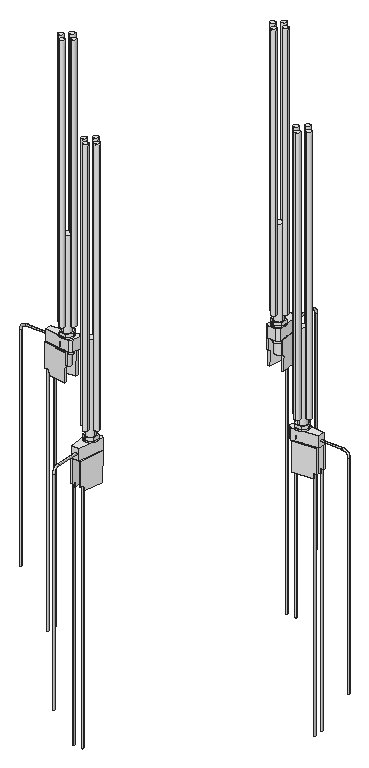
Revit family "652ab275b8b74809a3d79b4f631d35f4", category Structural Connections, host Face, Revit 2021
Family settings
  Host = Face
  Material for Model Behavior = Other
  Enable cutting in views = No
  Cut with Voids When Loaded = Yes
  Shared = No
Parameters (values of type "HCC M52-2290S")
  l = 4' - 9.08661"
  h [instance] = Column Diameter * sin(45.00°)  # 4' - 7.6777"
  f = 0' - 9.44882"
  b [instance] = Column Diameter * sin(45.00°)  # 4' - 7.6777"
  a = 0' - 2.75591"
  X = 0' - 1.37795"
  Type Comments = "Mountingpart"
  T = 0' - 2.75591"
  Phi = 0' - 2.75591"
  L [instance] = 4' - 11.05512"
  K = 0' - 11.02362"
  E = 0' - 2.3622"
  Default Elevation = 0' - 0"
  D = 1' - 2.40945"
  Column Shoe Type = Column Shoe and Anchor Bolt : HCC M52-2290S
  Column Shoe Material [instance] = Metal - Steel - S235
  Column Diameter [instance] = 6' - 6.74016"
  C = 0' - 9.13386"
Types (10): name | l | h | f | b | a | X | T | Phi | K | D | Column Shoe Type | Column Diameter | C
  HCC 39-1450H | 2' - 11.43307" | 2' - 3.83885" | 0' - 6.49606" | 2' - 3.83885" | 0' - 1.9685" | 0' - 1.45669" | 0' - 1.77165" | 0' - 2.16535" | 0' - 7.67717" | 0' - 9.64567" | Column Shoe and Anchor Bolt : HCC 39-1450H | 3' - 3.37008" | 0' - 6.1811"
  HCC 39-1450S | 2' - 11.43307" | 4' - 7.6777" | 0' - 6.49606" | 4' - 7.6777" | 0' - 1.9685" | 0' - 1.45669" | 0' - 1.77165" | 0' - 2.16535" | 0' - 7.67717" | 0' - 9.64567" | Column Shoe and Anchor Bolt : HCC 39-1450S | 6' - 6.74016" | 0' - 6.1811"
  HCC M36-1650H | 3' - 3.37008" | 4' - 7.6777" | 0' - 6.49606" | 4' - 7.6777" | 0' - 2.16535" | 0' - 1.45669" | 0' - 1.9685" | 0' - 2.16535" | 0' - 7.67717" | 0' - 9.64567" | Column Shoe and Anchor Bolt : HCC M36-1650H | 6' - 6.74016" | 0' - 6.1811"
  HCC M36-1650S | 3' - 3.37008" | 4' - 7.6777" | 0' - 6.49606" | 4' - 7.6777" | 0' - 2.16535" | 0' - 1.45669" | 0' - 1.9685" | 0' - 2.16535" | 0' - 7.67717" | 0' - 9.64567" | Column Shoe and Anchor Bolt : HCC M36-1650S | 6' - 6.74016" | 0' - 6.1811"
  HCC M39-1650H | 3' - 3.37008" | 4' - 7.6777" | 0' - 7.28346" | 4' - 7.6777" | 0' - 2.16535" | 0' - 1.45669" | 0' - 2.16535" | 0' - 2.16535" | 0' - 8.22835" | 0' - 10.51181" | Column Shoe and Anchor Bolt : HCC M39-1650H | 6' - 6.74016" | 0' - 6.77165"
  HCC M39-1650S | 3' - 3.37008" | 4' - 7.6777" | 0' - 7.28346" | 4' - 7.6777" | 0' - 2.16535" | 0' - 1.45669" | 0' - 2.16535" | 0' - 2.16535" | 0' - 8.22835" | 0' - 10.51181" | Column Shoe and Anchor Bolt : HCC M39-1650S | 6' - 6.74016" | 0' - 6.77165"
  HCC M45-2070H | 4' - 9.48031" | 4' - 7.6777" | 0' - 7.67717" | 4' - 7.6777" | 0' - 2.55906" | 0' - 1.45669" | 0' - 2.3622" | 0' - 2.55906" | 0' - 9.68504" | 1' - 0.48031" | Column Shoe and Anchor Bolt : HCC M45-2070H | 6' - 6.74016" | 0' - 8.14961"
  HCC M45-2070S | 4' - 9.48031" | 4' - 7.6777" | 0' - 7.67717" | 4' - 7.6777" | 0' - 2.55906" | 0' - 1.45669" | 0' - 2.3622" | 0' - 2.55906" | 0' - 9.68504" | 1' - 0.48031" | Column Shoe and Anchor Bolt : HCC M45-2070S | 6' - 6.74016" | 0' - 8.14961"
  HCC M52-2290H | 4' - 9.08661" | 4' - 7.6777" | 0' - 9.44882" | 4' - 7.6777" | 0' - 2.75591" | 0' - 1.37795" | 0' - 2.75591" | 0' - 2.75591" | 0' - 11.02362" | 1' - 2.40945" | Column Shoe and Anchor Bolt : HCC M52-2290H | 6' - 6.74016" | 0' - 9.13386"
  HCC M52-2290S | 4' - 9.08661" | 4' - 7.6777" | 0' - 9.44882" | 4' - 7.6777" | 0' - 2.75591" | 0' - 1.37795" | 0' - 2.75591" | 0' - 2.75591" | 0' - 11.02362" | 1' - 2.40945" | Column Shoe and Anchor Bolt : HCC M52-2290S | 6' - 6.74016" | 0' - 9.13386"
Reference planes (in)
  plane 1 "Center (Front/Back)": y = 0
  plane 2: z = 0
  plane 3 "Center (Left/Right)": x = 0
  plane 4: y = 27.83885
  plane 5: y = -27.83885
  plane 6: x = -27.83885
  plane 7: x = 27.83885
Dimensions and locks (in)
  equal spacing: plane 4, plane 1 "Center (Front/Back)", plane 5
  "h": plane 4 to plane 5
  equal spacing: plane 6, plane 3 "Center (Left/Right)", plane 7
  "b": plane 6 to plane 7
  aligned and locked: plane 2 to host face
  aligned and locked: level to host face
  aligned and locked: nested 7 to plane 3 "Center (Left/Right)"
  aligned and locked: nested 7 to plane 5
  aligned and locked: nested 3 to plane 1 "Center (Front/Back)"
  aligned and locked: plane 6 to nested 3
  aligned and locked: plane 3 "Center (Left/Right)" to nested 1
  aligned and locked: nested 1 to plane 4
  aligned and locked: plane 1 "Center (Front/Back)" to nested 5
  aligned and locked: plane 7 to nested 5
Automatic sketch dimensions
  host sketch curve to host sketch curve = 8' - 0"  (x2)
Nested families (in)
  nested 1: "Column Shoe and Anchor Bolt" at (0, 42.05145, 0) x (1, 0, 0) z (0, 0, -1), type <- "Column Shoe Type", Column Shoe Material <- "Column Shoe Material", L <- "L", type "HCC M52-2290S"
    with L 4' - 11.05512", Column Shoe Material Metal - Steel - S235, Phi 0' - 2.75591", Semi Phi 0' - 1.37795", y2 0' - 6.45861", y1 0' - 0.69597", x3 0' - 1.82257", x2 0' - 3.34066", x1 0' - 1.94872", f 0' - 9.44882", a 0' - 2.75591", X 0' - 1.37795", l 4' - 9.08661", k1 0' - 10.7388", d 1' - 2.2126", T 0' - 2.75591", Real K 0' - 10.93565", e1 0' - 2.3663", K 0' - 11.02362", E 0' - 2.3622", D 1' - 2.40945", C 0' - 9.13386", B2 0' - 5.90551", B 0' - 7.08661"
  nested 2: "HAB M" at (0, 30.20515, -2.75591) x (1, 0, 0) z (0, 0, -1), type "HAB MS52"
    with l2 5' - 5.74803", l 6' - 3.19685", f1 0' - 3.93701", f 0' - 9.44882", r3 0' - 1.02362", r1 0' - 0.62992", d3 0' - 2.04724", d1 0' - 1.25984", a 0' - 2.75591", Washers Radius 0' - 1.65354", T 0' - 2.75591", Splice Length 1' - 8.47244", O2 0' - 2.86402", O1 0' - 0.82677", Phi 0' - 2.75591", Offset1 0' - 1.65354", Nut Width 0' - 2.86402", Cap no, Cap Radius 0' - 1.13386", 4 Fold with Cap no
  nested 3: "Column Shoe and Anchor Bolt" at (-42.05145, 0, 0) x (0, 1, 0) z (0, 0, -1), type <- "Column Shoe Type", Column Shoe Material <- "Column Shoe Material", L <- "L", type "HCC M52-2290S"
    with L 4' - 11.05512", Column Shoe Material Metal - Steel - S235, Phi 0' - 2.75591", Semi Phi 0' - 1.37795", y2 0' - 6.45861", y1 0' - 0.69597", x3 0' - 1.82257", x2 0' - 3.34066", x1 0' - 1.94872", f 0' - 9.44882", a 0' - 2.75591", X 0' - 1.37795", l 4' - 9.08661", k1 0' - 10.7388", d 1' - 2.2126", T 0' - 2.75591", Real K 0' - 10.93565", e1 0' - 2.3663", K 0' - 11.02362", E 0' - 2.3622", D 1' - 2.40945", C 0' - 9.13386", B2 0' - 5.90551", B 0' - 7.08661"
  nested 4: "HAB M" at (-30.20515, 0, -2.75591) x (0, 1, 0) z (0, 0, -1), type "HAB MS52"
    with l2 5' - 5.74803", l 6' - 3.19685", f1 0' - 3.93701", f 0' - 9.44882", r3 0' - 1.02362", r1 0' - 0.62992", d3 0' - 2.04724", d1 0' - 1.25984", a 0' - 2.75591", Washers Radius 0' - 1.65354", T 0' - 2.75591", Splice Length 1' - 8.47244", O2 0' - 2.86402", O1 0' - 0.82677", Phi 0' - 2.75591", Offset1 0' - 1.65354", Nut Width 0' - 2.86402", Cap no, Cap Radius 0' - 1.13386", 4 Fold with Cap no
  nested 5: "Column Shoe and Anchor Bolt" at (42.05145, 0, 0) x (0, -1, 0) z (0, 0, -1), type <- "Column Shoe Type", Column Shoe Material <- "Column Shoe Material", L <- "L", type "HCC M52-2290S"
    with L 4' - 11.05512", Column Shoe Material Metal - Steel - S235, Phi 0' - 2.75591", Semi Phi 0' - 1.37795", y2 0' - 6.45861", y1 0' - 0.69597", x3 0' - 1.82257", x2 0' - 3.34066", x1 0' - 1.94872", f 0' - 9.44882", a 0' - 2.75591", X 0' - 1.37795", l 4' - 9.08661", k1 0' - 10.7388", d 1' - 2.2126", T 0' - 2.75591", Real K 0' - 10.93565", e1 0' - 2.3663", K 0' - 11.02362", E 0' - 2.3622", D 1' - 2.40945", C 0' - 9.13386", B2 0' - 5.90551", B 0' - 7.08661"
  nested 6: "HAB M" at (30.20515, 0, -2.75591) x (0, -1, 0) z (0, 0, -1), type "HAB MS52"
    with l2 5' - 5.74803", l 6' - 3.19685", f1 0' - 3.93701", f 0' - 9.44882", r3 0' - 1.02362", r1 0' - 0.62992", d3 0' - 2.04724", d1 0' - 1.25984", a 0' - 2.75591", Washers Radius 0' - 1.65354", T 0' - 2.75591", Splice Length 1' - 8.47244", O2 0' - 2.86402", O1 0' - 0.82677", Phi 0' - 2.75591", Offset1 0' - 1.65354", Nut Width 0' - 2.86402", Cap no, Cap Radius 0' - 1.13386", 4 Fold with Cap no
  nested 7: "Column Shoe and Anchor Bolt" at (0, -42.05145, 0) x (-1, 0, 0) z (0, 0, -1), type <- "Column Shoe Type", Column Shoe Material <- "Column Shoe Material", L <- "L", type "HCC M52-2290S"
    with L 4' - 11.05512", Column Shoe Material Metal - Steel - S235, Phi 0' - 2.75591", Semi Phi 0' - 1.37795", y2 0' - 6.45861", y1 0' - 0.69597", x3 0' - 1.82257", x2 0' - 3.34066", x1 0' - 1.94872", f 0' - 9.44882", a 0' - 2.75591", X 0' - 1.37795", l 4' - 9.08661", k1 0' - 10.7388", d 1' - 2.2126", T 0' - 2.75591", Real K 0' - 10.93565", e1 0' - 2.3663", K 0' - 11.02362", E 0' - 2.3622", D 1' - 2.40945", C 0' - 9.13386", B2 0' - 5.90551", B 0' - 7.08661"
  nested 8: "HAB M" at (0, -30.20515, -2.75591) x (-1, 0, 0) z (0, 0, -1), type "HAB MS52"
    with l2 5' - 5.74803", l 6' - 3.19685", f1 0' - 3.93701", f 0' - 9.44882", r3 0' - 1.02362", r1 0' - 0.62992", d3 0' - 2.04724", d1 0' - 1.25984", a 0' - 2.75591", Washers Radius 0' - 1.65354", T 0' - 2.75591", Splice Length 1' - 8.47244", O2 0' - 2.86402", O1 0' - 0.82677", Phi 0' - 2.75591", Offset1 0' - 1.65354", Nut Width 0' - 2.86402", Cap no, Cap Radius 0' - 1.13386", 4 Fold with Cap no
Definition of nested family "Column Shoe and Anchor Bolt"
  Parameters
    Type Comments = "Mountingpart"
    Phi = 0' - 1.06299"
    Semi Phi = 0.5 * Phi  # 0' - 0.5315"
    y2 = C * sin(45.00°)  # 0' - 2.44982"
    y1 = (E - X) * sin(45.00°)  # 0' - 0.55678"
    x3 = E * (2 * sin(45.00°) - C / d)  # 0' - 1.46153"
    x2 = 2 * E * sin(45.00°)  # 0' - 2.78388"
    x1 = 2 * X * sin(45.00°)  # 0' - 1.67033"
    t1 = 0' - 0.3937"
    f = 0' - 4.13386"
    a = 0' - 1.9685"
    X = 0' - 1.1811"
    l = 0' - 11.81102"
    k1 = d * sin(45.00°) + 0.5 * X  # 0' - 4.23744"
    d = D - R1  # 0' - 5.15748"
    T = 0' - 0.59055"
    O3 = 0' - 0.59055"
    O4 = 0' - 0.7874"
    O2 = 0' - 0.19685"
    O1 = 0' - 0.3937"
    L [instance] = 4' - 11.05512"
    Real K = R1 + k1  # 0' - 4.43429"
    e1 = (2 * E - X) * sin(45.00°)  # 0' - 1.94872"
    K = 0' - 4.40945"
    E = 0' - 1.9685"
    Default Elevation = 0' - 0"
    Semi dbr = 7 * R2  # 0' - 1.37795"
    D = 0' - 5.35433"
    Column Shoe Material [instance] = none
    C = 0' - 3.46457"
    R2 = 0' - 0.19685"
    R1 = 0' - 0.19685"
    Bolt Type = HAB : HAB H16
    B2 = B - 0' 1.1811"  # 0' - 2.16535"
    B = 0' - 3.34646"
  Reference planes (in)
    plane 1 "Center (Front/Back)": y = 0
    plane 2: z = 0
    plane 3 "Center (Left/Right)": x = 0
    plane 4: z = 0.59055
    plane 5: z = 0.29528
    plane 6: z = 11.81102
    plane 7: z = 3.93701
    plane 8: z = 2.75591
    plane 9: y = 5.15748
    plane 10: x = -1.39194
    plane 11: x = 1.39194
    plane 12: y = 4.6007
    plane 13: y = 2.15088
    plane 14: x = -0.83517
    plane 15: x = 0.83517
    plane 16: x = -0.73077
    plane 17: x = 0.73077
    plane 18: y = 3.20876
    plane 19: y = 2.93829
    plane 20: z = 62.99213
  Forms (in)
    Extrusion 1, solid
      sketch origin (0, 0, 0) x (1, 0, 0) y (0, 1, 0)
        loop
          line (-48, 48) -> (-48, -48) -> (48, -48) -> (48, 48) -> (-48, 48)
      from 0 to -12
    Sweep 2, solid, material <- "Column Shoe Material"
      path in 3D
        loop
          line (0, 0, 11.81102) -> (0, 0, 1.67323)
          arc (0, 0, 1.67323) -> (0, 0.40359, 0.69887) -> (0, 1.37795, 0.29528) r 1.37795
          line (0, 1.37795, 0.29528) -> (0, 2.81506, 0.29528)
      profile origin (0, 0.40359, 0.69887) x (0, 0.707107, 0.707107) y (1, 0, 0)
        loop
          circle (0, 0) r 0.19685
    Extrusion 3, void
      sketch origin (-0.03635, 4.65317, 0) x (1, 0, 0) y (0, 1, 0)
        loop
          circle (0.03635, -1.44441) r 0.5315
      from 0 to 3.93701
    Blend 4, solid, material <- "Column Shoe Material"
      base sketch origin (-0.18342, 0.17505, 0) x (-1, 0, 0) y (0, -1, 0)
        loop
          line (-1.47277, -4.04555) -> (-0.96547, -2.16589) -> (-1.34557, -2.0633) -> (-1.85287, -3.94297) -> (-1.47277, -4.04555)
      top sketch origin (-0.18342, 0.17505, 0) x (-1, 0, 0) y (0, -1, 0)
        loop
          line (-1.42148, -3.8555) -> (-0.96547, -2.16589) -> (-1.34557, -2.0633) -> (-1.80158, -3.75292) -> (-1.42148, -3.8555)
      from 0.59055 to 3.93701
    Extrusion 5, solid, material <- "Column Shoe Material"
      sketch origin (1.96539, -0.28862, 0) x (1, 0, 0) y (0, 1, 0)
        loop
          circle (-3.11256, 3.22691) r 0.19685
        loop
          circle (-0.81822, 3.22691) r 0.19685
      from 2.75591 to 62.99213
    Extrusion 6, void
      sketch origin (0, -1.92772, 0) x (0, -1, 0) y (0, 0, 1)
        loop
          line (-4.07861, 3.93701) -> (-4.86601, 3.93701) -> (-4.86601, 2.75591) -> (-4.07861, 2.75591) -> (-4.07861, 3.93701)
      from -1.39194 to 1.39194
    Extrusion 7, solid, material <- "Column Shoe Material"
      sketch origin (0, 0, 0) x (1, 0, 0) y (0, 1, 0)
        loop
          line (0.83517, 5.15748) -> (-0.83517, 5.15748) -> (-1.39194, 4.6007) -> (-0.73077, 2.15088) -> (0.73077, 2.15088) -> (1.39194, 4.6007) -> (0.83517, 5.15748)
        loop
          circle (0, 3.20876) r 0.5315
      from 0 to 0.59055
    Blend 8, solid, material <- "Column Shoe Material"
      base sketch origin (0.18342, 0.17505, 0) x (1, 0, 0) y (0, 1, 0)
        loop
          line (-1.47277, 4.04555) -> (-1.85287, 3.94297) -> (-1.34557, 2.0633) -> (-0.96547, 2.16589) -> (-1.47277, 4.04555)
      top sketch origin (0.18342, 0.17505, 0) x (1, 0, 0) y (0, 1, 0)
        loop
          line (-1.42148, 3.8555) -> (-1.80158, 3.75292) -> (-1.34557, 2.0633) -> (-0.96547, 2.16589) -> (-1.42148, 3.8555)
      from 0.59055 to 3.93701
  Cuts and joins
    Extrusion 3, Extrusion 6 cuts Sweep 2
    joined: Sweep 2, Extrusion 7
    Extrusion 6 cuts Blend 4
    Extrusion 6 cuts Blend 8
  Lines and regions (in)
    reference lines
      curve 1: line (0, 3.24836, 0.29528) -> (0, 1.37795, 0.29528)
      curve 2: line (0, 0, 1.67323) -> (0, 0, 11.81102)
      curve 3: arc (0, 0, 1.67323) -> (0, 0.40359, 0.69887) -> (0, 1.37795, 0.29528) r 1.37795
      curve 7: line (0.73077, 2.15088, 0) -> (1.39194, 4.6007, 0)
      curve 8: line (-0.73077, 2.15088, 0) -> (-1.39194, 4.6007, 0)
    sketch lines
      curve 4: arc (0, 0, 1.67323) -> (0, 0.40359, 0.69887) -> (0, 1.37795, 0.29528) r 1.37795
      curve 5: line (0, 2.81506, 0.29528) -> (0, 1.37795, 0.29528)
      curve 6: line (0, 0, 1.67323) -> (0, 0, 11.81102)
  Dimensions and locks (in)
    "T": plane 4 to level
    "l": plane 6 to plane 2
    equal spacing: plane 4, plane 5, plane 2
    "B": plane 7 to plane 4
    "B2": plane 4 to plane 8
    equal spacing: plane 16, plane 3 "Center (Left/Right)", plane 17
    equal spacing: plane 14, plane 3 "Center (Left/Right)", plane 15
    equal spacing: plane 10, plane 3 "Center (Left/Right)", plane 11
    "x2": plane 10 to plane 11
    "x1": plane 14 to plane 15
    "x3": plane 16 to plane 17
    "y1": plane 9 to plane 12
    "y2": plane 12 to plane 13
    "d": plane 9 to plane 1 "Center (Front/Back)"
    "e1": plane 9 to plane 18
    "t1": Blend 4 sketch curve to Blend 4 sketch curve  (x2)
    "O2": Extrusion 7 to Blend 4 sketch curve
    "O1": Blend 4 sketch curve to curve 7
    "O2": curve 7 to Blend 4 sketch curve
    "O4": plane 13 to plane 19
    equal spacing: cut or joined group of Blend 4, Extrusion 6, Extrusion 5 sketch curve, Extrusion 7
    "O3": Blend 4 sketch curve to curve 7
    "t1": Blend 8 sketch curve to Blend 8 sketch curve  (x2)
    "O1": curve 8 to Blend 8 sketch curve
    "O2": Blend 8 sketch curve to curve 8  (x2)
    "O3": curve 8 to Blend 8 sketch curve
    equal spacing: Blend 8, Extrusion 5 sketch curve, Blend 8
    "L": plane 20 to plane 7
    "Semi dbr": radius of curve 3
    "R1": radius of Sweep 2 sketch curve
    "R2": radius of Extrusion 5 sketch curve  (x2)
    "Semi Phi": radius of Extrusion 7 sketch curve
    locked: Extrusion 7 to Blend 4 sketch curve (angle 90.00°)
    aligned and locked: plane 2 to Extrusion 1
    aligned and locked: level to Extrusion 1
    aligned and locked: curve 1 to plane 5
    aligned and locked: plane 1 "Center (Front/Back)" to curve 2
    aligned and locked: plane 6 to curve 2
    aligned and locked: Extrusion 3 to Extrusion 1
    aligned and locked: Blend 4 to plane 4
    aligned and locked: plane 8 to Extrusion 5
    aligned and locked: Extrusion 6 sketch curve to Blend 4
    aligned and locked: Extrusion 3 sketch curve to Extrusion 7
    aligned and locked: plane 4 to Extrusion 7
    aligned and locked: Extrusion 7 sketch curve to plane 9
    aligned and locked: plane 3 "Center (Left/Right)" to Extrusion 7 sketch curve
    aligned and locked: plane 12 to Extrusion 7 sketch curve  (x2)
    aligned and locked: plane 18 to Extrusion 7 sketch curve
    aligned and locked: plane 15 to Extrusion 7 sketch curve
    aligned and locked: plane 9 to Extrusion 7 sketch curve
    aligned and locked: plane 13 to Extrusion 7 sketch curve
    aligned and locked: plane 17 to Extrusion 7 sketch curve
    aligned and locked: plane 14 to Extrusion 7 sketch curve
    aligned and locked: plane 10 to Extrusion 7 sketch curve
    aligned and locked: plane 16 to Extrusion 7 sketch curve
    aligned and locked: plane 12 to curve 7
    aligned and locked: plane 11 to curve 7
    aligned and locked: plane 17 to curve 7
    aligned and locked: plane 13 to curve 7
    aligned and locked: plane 12 to curve 8
    aligned and locked: plane 10 to curve 8
    aligned and locked: plane 16 to curve 8
    aligned and locked: plane 13 to curve 8
    aligned and locked: Blend 4 sketch curve to curve 7
    aligned and locked: var sketch to Blend 4 sketch curve
    aligned and locked: plane 19 to Extrusion 5 sketch curve  (x2)
    aligned and locked: var sketch to Blend 8 sketch curve
    aligned and locked: Extrusion 7 to Blend 8 sketch curve
    aligned and locked: Extrusion 6 to plane 19
    aligned and locked: Extrusion 6 to Extrusion 7
    aligned and locked: plane 7 to Extrusion 3
    aligned and locked: plane 7 to Blend 4
    aligned and locked: plane 7 to Blend 8
    aligned and locked: Blend 8 to plane 4
    aligned and locked: plane 20 to Extrusion 5
    aligned and locked: Extrusion 6 to plane 11
    aligned and locked: Extrusion 6 to plane 10
    aligned and locked: plane 3 "Center (Left/Right)" to nested 1
    aligned and locked: nested 1 to plane 18
  Automatic sketch dimensions
    Extrusion 1 sketch curve to Extrusion 1 sketch curve = 8' - 0"  (x2)
    plane 18 to curve 1 = 0' - 0.03959"
    Sweep 2 sketch curve to profile plane = 0' - 0"  (x2)
    plane 8 to Extrusion 6 sketch curve = 0' - 0"
    Extrusion 6 sketch curve to plane 13 = 0' - 0.7874"
    Extrusion 6 sketch curve to plane 1 "Center (Front/Back)" = 0' - 2.15088"
    Extrusion 7 sketch curve to plane 11 = 0' - 0"
  Nested families (in)
    nested 1: "HAB" at (0, 3.20876, 0.59055), type <- "Bolt Type", type "HAB H16"
      with Anchor Bolt Material none, l2 0' - 6.88976", l 0' - 11.02362", f1 0' - 1.5748", f 0' - 4.13386", r3 0' - 0.31496", r1 0' - 0.31496", d3 0' - 0.62992", d1 0' - 0.62992", Washers Radius 0' - 0.6378", T 0' - 0.59055", Phi 0' - 1.06299", Nut Width 0' - 1.10469", Cap Radius 0' - 0.56693"
  Definition of nested family "HAB"
    Parameters
      l2 = 0' - 9.25197"
      l = 1' - 1.77953"
      f1 = f - a - T  # 0' - 1.77165"
      f = 0' - 4.52756"
      r3 = 0.5 * d3  # 0' - 0.3937"
      r1 = 0.5 * d1  # 0' - 0.3937"
      d3 = 0' - 0.7874"
      d1 = 0' - 0.7874"
      a = 0' - 1.9685"
      Washers Thickness = 0' - 0.19685"
      Washers Radius = 0.5 * Phi * 1.2  # 0' - 0.70866"
      Type Comments = "Mountingpart"
      T = 0' - 0.7874"
      Phi = 0' - 1.1811"
      Nut Width = 2 * Washers Radius * cos(30.00°)  # 0' - 1.22744"
      Nut Thickness = 0' - 0.7874"
      Cap = yes
      Anchor Bolt Material [instance] = none
      Default Elevation = 0' - 0"
      Cap Thickness = Nut Thickness  # 0' - 0.7874"
      Cap Radius = d1 * 0.9  # 0' - 0.70866"
    Reference planes (in)
      plane 1 "Center (Front/Back)": y = 0
      plane 2: z = 0
      plane 3 "Center (Left/Right)": x = 0
      plane 4: z = 0.19685
      plane 5: z = -0.7874
      plane 6: z = -0.98425
      plane 7: z = 0.98425
      plane 8: z = -1.77165
      plane 9: y = 0.35433
      plane 10: y = -0.35433
      plane 11: y = 0.70866
      plane 12: y = -0.70866
      plane 13: z = 1.77165
      plane 14: z = -12.00787
      plane 15: z = -11.22047
      plane 16: z = -2.75591
      plane 17: z = -11.61417
      plane 18: x = -0.61372
      plane 19: x = 0.61372
    Forms (in)
      Extrusion 1, solid
        sketch origin (0, 0, 0) x (1, 0, 0) y (0, 1, 0)
          loop
            line (-48, 48) -> (-48, -48) -> (48, -48) -> (48, 48) -> (-48, 48)
        from 0 to -6.78513
      Extrusion 2, solid, material <- "Anchor Bolt Material"
        sketch origin (0, 0, 0) x (1, 0, 0) y (0, 1, 0)
          loop
            circle (0, 0) r 0.3937
        from -2.75591 to 1.77165
      Extrusion 3, solid, material <- "Anchor Bolt Material"
        sketch origin (0, 0, 0) x (1, 0, 0) y (0, 1, 0)
          loop
            circle (0, 0) r 0.70866
        from 0 to 0.19685
      Extrusion 4, solid, material <- "Anchor Bolt Material"
        sketch origin (0, 0, -14.37008) x (1, 0, 0) y (0, 1, 0)
          loop
            circle (0, 0) r 0.70866
        from 13.38583 to 13.58268
      Extrusion 5, solid, material <- "Anchor Bolt Material"
        sketch origin (0, 0, 0) x (1, 0, 0) y (0, 1, 0)
          loop
            line (0, 0.70866) -> (-0.61372, 0.35433) -> (-0.61372, -0.35433) -> (0, -0.70866) -> (0.61372, -0.35433) -> (0.61372, 0.35433) -> (0, 0.70866)
        from 0.19685 to 0.98425
      Extrusion 6, solid, material <- "Anchor Bolt Material"
        sketch origin (0, 0, -15.74803) x (1, 0, 0) y (0, 1, 0)
          loop
            line (-0.61372, 0.35433) -> (-0.61372, -0.35433) -> (0, -0.70866) -> (0.61372, -0.35433) -> (0.61372, 0.35433) -> (0, 0.70866) -> (-0.61372, 0.35433)
        from 13.97638 to 14.76378
      Extrusion 7, solid, material <- "Anchor Bolt Material"
        sketch origin (0, 0, -2.96548) x (1, 0, 0) y (0, 1, 0)
          loop
            circle (0, 0) r 0.3937
        from -9.04239 to 0.20957
      Blend 8, solid, material <- "Anchor Bolt Material", visible <- "Cap"
        base sketch origin (-1.67336, -180, -11.22047) x (-1, 0, 0) y (0, -1, 0)
          loop
            circle (-1.67336, -180) r 0.3937
        top sketch origin (-1.67336, -180, -11.22047) x (-1, 0, 0) y (0, -1, 0)
          loop
            circle (-1.67336, -180) r 0.70866
        from 0 to -0.3937
      Extrusion 9, solid, material <- "Anchor Bolt Material", visible <- "Cap"
        sketch origin (-1.41732, -180, -12.00787) x (-1, 0, 0) y (0, -1, 0)
          loop
            circle (-1.41732, -180) r 0.70866
        from 0 to 0.3937
    Cuts and joins
      joined: Extrusion 2, Extrusion 3, Extrusion 4, Extrusion 5, Extrusion 6, Extrusion 7
      joined: Blend 8, Extrusion 9
    Dimensions and locks (in)
      "T": plane 2 to plane 5
      "Washers Thickness": plane 5 to plane 6
      "Washers Thickness": plane 4 to level
      "Nut Thickness": plane 7 to plane 4
      "Nut Thickness": plane 6 to plane 8
      "Washers Radius": plane 1 "Center (Front/Back)" to plane 11
      "Washers Radius": plane 12 to plane 1 "Center (Front/Back)"
      equal spacing: plane 9, plane 1 "Center (Front/Back)", plane 10
      "Washers Radius": plane 9 to plane 10
      "l": plane 13 to plane 14
      "Cap Thickness": plane 15 to plane 14
      "l2": plane 16 to plane 14
      "f1": plane 13 to plane 2
      equal spacing: plane 15, plane 17, plane 14
      equal spacing: plane 18, plane 3 "Center (Left/Right)", plane 19
      "Nut Width": plane 18 to plane 19
      "r3": radius of Extrusion 2 sketch curve
      "Washers Radius": radius of Extrusion 3 sketch curve
      "Washers Radius": radius of Extrusion 4 sketch curve
      "r1": radius of Extrusion 7 sketch curve
      "r1": radius of Blend 8 sketch curve
      "Cap Radius": radius of Blend 8 sketch curve
      "Cap Radius": radius of Extrusion 9 sketch curve
      aligned and locked: plane 2 to Extrusion 1
      aligned and locked: level to Extrusion 1
      aligned and locked: plane 1 "Center (Front/Back)" to Extrusion 2 sketch curve
      aligned and locked: plane 3 "Center (Left/Right)" to Extrusion 2 sketch curve
      aligned and locked: plane 1 "Center (Front/Back)" to Extrusion 3 sketch curve
      aligned and locked: plane 3 "Center (Left/Right)" to Extrusion 3 sketch curve
      aligned and locked: plane 4 to Extrusion 3
      aligned and locked: Extrusion 3 to level
      aligned and locked: plane 5 to Extrusion 4
      aligned and locked: Extrusion 4 to plane 6
      aligned and locked: plane 1 "Center (Front/Back)" to Extrusion 4 sketch curve
      aligned and locked: plane 3 "Center (Left/Right)" to Extrusion 4 sketch curve
      aligned and locked: plane 7 to Extrusion 5
      aligned and locked: Extrusion 5 to plane 4
      aligned and locked: plane 11 to Extrusion 5 sketch curve
      aligned and locked: plane 3 "Center (Left/Right)" to Extrusion 5 sketch curve  (x2)
      aligned and locked: plane 12 to Extrusion 5 sketch curve
      aligned and locked: plane 10 to Extrusion 5 sketch curve  (x2)
      aligned and locked: plane 6 to Extrusion 6
      aligned and locked: Extrusion 6 to plane 8
      aligned and locked: plane 13 to Extrusion 2
      aligned: Extrusion 2 to plane 14
      aligned and locked: plane 10 to Extrusion 6 sketch curve  (x2)
      aligned and locked: Extrusion 2 to plane 16
      aligned: Extrusion 7 to plane 15
      aligned and locked: plane 1 "Center (Front/Back)" to Blend 8 sketch curve  (x2)
      aligned and locked: plane 3 "Center (Left/Right)" to Blend 8 sketch curve  (x2)
      aligned and locked: Blend 8 to plane 17
      aligned and locked: plane 15 to Blend 8
      aligned and locked: plane 1 "Center (Front/Back)" to Extrusion 9 sketch curve
      aligned and locked: plane 3 "Center (Left/Right)" to Extrusion 9 sketch curve
      aligned and locked: plane 17 to Extrusion 9
      aligned and locked: plane 18 to Extrusion 5 sketch curve
      aligned and locked: Extrusion 5 sketch curve to plane 19
      aligned and locked: plane 9 to Extrusion 5 sketch curve  (x2)
      aligned and locked: plane 19 to Extrusion 6 sketch curve
      aligned and locked: plane 18 to Extrusion 6 sketch curve
      aligned and locked: plane 9 to Extrusion 6 sketch curve  (x2)
      aligned and locked: plane 11 to Extrusion 6 sketch curve
      aligned and locked: plane 3 "Center (Left/Right)" to Extrusion 6 sketch curve  (x2)
      aligned and locked: plane 12 to Extrusion 6 sketch curve
      aligned and locked: Extrusion 7 to plane 14
      aligned and locked: plane 16 to Extrusion 7
    Automatic sketch dimensions
      Extrusion 1 sketch curve to Extrusion 1 sketch curve = 8' - 0"  (x2)
      plane 1 "Center (Front/Back)" to Extrusion 7 sketch curve = 0' - 0"
      Extrusion 7 sketch curve to plane 3 "Center (Left/Right)" = 0' - 0"
Definition of nested family "HAB M"
  Parameters
    l2 = 1' - 10.6378"
    l = 2' - 5.72441"
    f1 = f - a - T  # 0' - 2.75591"
    f = 0' - 6.49606"
    r3 = 0.5 * d3  # 0' - 0.70866"
    r1 = 0.5 * d1  # 0' - 0.3937"
    d3 = 0' - 1.41732"
    d1 = 0' - 0.7874"
    a = 0' - 1.9685"
    Washers Thickness = 0' - 0.19685"
    Washers Radius = 0.5 * Phi * 1.2  # 0' - 1.06299"
    Type Comments = "Mountingpart"
    T = 0' - 1.77165"
    Splice Length = 10 * d3  # 1' - 2.17323"
    O2 = 2 * Offset1 * (sin(60.00°))  # 0' - 1.90935"
    O1 = 0.5 * Offset1  # 0' - 0.55118"
    Phi = 0' - 1.77165"
    Offset1 = r1 + r3  # 0' - 1.10236"
    Nut Width = 2 * Washers Radius * cos(30.00°)  # 0' - 1.84116"
    Nut Thickness = 0' - 0.7874"
    Cap = yes
    Anchor Bolt Material [instance] = none
    Default Elevation = 0' - 0"
    Cap Thickness = Nut Thickness  # 0' - 0.7874"
    Cap Radius = 0.9 * d1  # 0' - 0.70866"
    4 Fold with Cap = and(Cap, [4 Fold])  # yes
    4 Fold = yes
    3 Fold With Cap = and(Cap, [3 Fold])  # no
    3 Fold = no
  Reference planes (in)
    plane 1 "Center (Front/Back)": y = 0
    plane 2: z = 0
    plane 3 "Center (Left/Right)": x = 0
    plane 4: z = 0.19685
    plane 5: z = -1.77165
    plane 6: z = -1.9685
    plane 7: z = 0.98425
    plane 8: z = -2.75591
    plane 9: y = 0.5315
    plane 10: y = -0.5315
    plane 11: y = 1.06299
    plane 12: y = -1.06299
    plane 13: z = 2.75591
    plane 14: z = -26.9685
    plane 15: z = -26.1811
    plane 16: z = -4.33071
    plane 17: z = -26.5748
    plane 18: x = -0.92058
    plane 19: x = 0.92058
    plane 20: z = -18.50394
    plane 21: y = -0.55118
    plane 22: x = -0.95467
    plane 23: x = 0.95467
  Forms (in)
    Extrusion 1, solid
      sketch origin (0, 0, 0) x (1, 0, 0) y (0, 1, 0)
        loop
          line (-48, 48) -> (-48, -48) -> (48, -48) -> (48, 48) -> (-48, 48)
      from 0 to -6.78513
    Extrusion 2, solid, material <- "Anchor Bolt Material"
      sketch origin (0, 0, 0) x (1, 0, 0) y (0, 1, 0)
        loop
          circle (0, 0) r 0.70866
      from -18.50394 to 2.75591
    Extrusion 3, solid, material <- "Anchor Bolt Material"
      sketch origin (0, 0, 0) x (1, 0, 0) y (0, 1, 0)
        loop
          circle (0, 0) r 1.06299
      from 0 to 0.19685
    Extrusion 4, solid, material <- "Anchor Bolt Material"
      sketch origin (0, 0, -14.37008) x (1, 0, 0) y (0, 1, 0)
        loop
          circle (0, 0) r 1.06299
      from 12.40157 to 12.59843
    Extrusion 5, solid, material <- "Anchor Bolt Material"
      sketch origin (0, 0, 0) x (1, 0, 0) y (0, 1, 0)
        loop
          line (0, 1.06299) -> (-0.92058, 0.5315) -> (-0.92058, -0.5315) -> (0, -1.06299) -> (0.92058, -0.5315) -> (0.92058, 0.5315) -> (0, 1.06299)
      from 0.19685 to 0.98425
    Extrusion 6, solid, material <- "Anchor Bolt Material"
      sketch origin (0, 0, -15.74803) x (1, 0, 0) y (0, 1, 0)
        loop
          line (-0.92058, 0.5315) -> (-0.92058, -0.5315) -> (0, -1.06299) -> (0.92058, -0.5315) -> (0.92058, 0.5315) -> (0, 1.06299) -> (-0.92058, 0.5315)
      from 12.99213 to 13.77953
    Extrusion 7, solid, material <- "Anchor Bolt Material", visible <- "4 Fold"
      sketch origin (0, 0, -2.96548) x (1, 0, 0) y (0, 1, 0)
        loop
          circle (1.10236, 0) r 0.3937
        loop
          circle (-1.10236, 0) r 0.3937
        loop
          circle (0, -1.10236) r 0.3937
        loop
          circle (0, 1.10236) r 0.3937
      from -24.00302 to -1.36523
    Blend 8, solid, material <- "Anchor Bolt Material", visible <- "4 Fold with Cap"
      base sketch origin (0.03604, -179.10708, -26.1811) x (-1, 0, 0) y (0, -1, 0)
        loop
          circle (-1.06632, -179.10708) r 0.3937
      top sketch origin (0.03604, -179.10708, -26.1811) x (-1, 0, 0) y (0, -1, 0)
        loop
          circle (-1.06632, -179.10708) r 0.70866
      from 0 to -0.3937
    Extrusion 9, solid, material <- "Anchor Bolt Material", visible <- "4 Fold with Cap"
      sketch origin (-0.00577, -179.43868, -26.9685) x (-1, 0, 0) y (0, -1, 0)
        loop
          circle (-1.10813, -179.43868) r 0.70866
      from 0 to 0.3937
    Extrusion 10, solid, material <- "Anchor Bolt Material", visible <- "4 Fold with Cap"
      sketch origin (-1.13092, -178.31353, -26.9685) x (-1, 0, 0) y (0, -1, 0)
        loop
          circle (-1.13092, -179.41589) r 0.70866
      from 0 to 0.3937
    Blend 11, solid, material <- "Anchor Bolt Material", visible <- "4 Fold with Cap"
      base sketch origin (-1.08911, -180.23223, -26.1811) x (-1, 0, 0) y (0, -1, 0)
        loop
          circle (-1.08911, -179.12987) r 0.3937
      top sketch origin (-1.08911, -180.23223, -26.1811) x (-1, 0, 0) y (0, -1, 0)
        loop
          circle (-1.08911, -179.12987) r 0.70866
      from 0 to -0.3937
    Extrusion 12, solid, material <- "Anchor Bolt Material", visible <- "4 Fold with Cap"
      sketch origin (-1.13092, 178.31353, -26.9685) x (-1, 0, 0) y (0, -1, 0)
        loop
          circle (-1.13092, 179.41589) r 0.70866
      from 0 to 0.3937
    Extrusion 13, solid, material <- "Anchor Bolt Material", visible <- "4 Fold with Cap"
      sketch origin (0.00577, -179.43868, -26.9685) x (1, 0, 0) y (0, 1, 0)
        loop
          circle (-1.10813, 179.43868) r 0.70866
      from 0 to 0.3937
    Blend 14, solid, material <- "Anchor Bolt Material", visible <- "4 Fold with Cap"
      base sketch origin (-0.03604, -179.10708, -26.1811) x (1, 0, 0) y (0, 1, 0)
        loop
          circle (-1.06632, 179.10708) r 0.3937
      top sketch origin (-0.03604, -179.10708, -26.1811) x (1, 0, 0) y (0, 1, 0)
        loop
          circle (-1.06632, 179.10708) r 0.70866
      from 0 to -0.3937
    Extrusion 15, solid, material <- "Anchor Bolt Material", visible <- "3 Fold"
      sketch origin (0, 0, -2.96548) x (1, 0, 0) y (0, 1, 0)
        loop
          circle (0.95467, -0.55118) r 0.3937
        loop
          circle (-0.95467, -0.55118) r 0.3937
        loop
          circle (0, 1.10236) r 0.3937
      from -24.00302 to -1.36523
    Extrusion 16, solid, material <- "Anchor Bolt Material", visible <- "3 Fold With Cap"
      sketch origin (2.08559, -179.98986, -26.9685) x (1, 0, 0) y (0, 1, 0)
        loop
          circle (-1.13092, 179.43868) r 0.70866
      from 0 to 0.3937
    Blend 17, solid, material <- "Anchor Bolt Material", visible <- "3 Fold With Cap"
      base sketch origin (2.04379, -179.65826, -26.1811) x (1, 0, 0) y (0, 1, 0)
        loop
          circle (-1.08911, 179.10708) r 0.3937
      top sketch origin (2.04379, -179.65826, -26.1811) x (1, 0, 0) y (0, 1, 0)
        loop
          circle (-1.08911, 179.10708) r 0.70866
      from 0 to -0.3937
    Extrusion 18, solid, material <- "Anchor Bolt Material", visible <- "3 Fold With Cap"
      sketch origin (0.17625, -179.98986, -26.9685) x (1, 0, 0) y (0, 1, 0)
        loop
          circle (-1.13092, 179.43868) r 0.70866
      from 0 to 0.3937
    Blend 19, solid, material <- "Anchor Bolt Material", visible <- "3 Fold With Cap"
      base sketch origin (0.13444, -179.65826, -26.1811) x (1, 0, 0) y (0, 1, 0)
        loop
          circle (-1.08911, 179.10708) r 0.3937
      top sketch origin (0.13444, -179.65826, -26.1811) x (1, 0, 0) y (0, 1, 0)
        loop
          circle (-1.08911, 179.10708) r 0.70866
      from 0 to -0.3937
    Extrusion 20, solid, material <- "Anchor Bolt Material", visible <- "3 Fold With Cap"
      sketch origin (1.13092, -178.37817, -26.9685) x (1, 0, 0) y (0, 1, 0)
        loop
          circle (-1.13092, 179.48053) r 0.70866
      from 0 to 0.3937
    Blend 21, solid, material <- "Anchor Bolt Material", visible <- "3 Fold With Cap"
      base sketch origin (1.08911, -178.04657, -26.1811) x (1, 0, 0) y (0, 1, 0)
        loop
          circle (-1.08911, 179.14893) r 0.3937
      top sketch origin (1.08911, -178.04657, -26.1811) x (1, 0, 0) y (0, 1, 0)
        loop
          circle (-1.08911, 179.14893) r 0.70866
      from 0 to -0.3937
    Blend 22, solid, material <- "Anchor Bolt Material", visible <- "4 Fold with Cap"
      base sketch origin (1.08307, -178.04102, -26.1811) x (1, 0, 0) y (0, 1, 0)
        loop
          circle (-1.08307, 179.14338) r 0.3937
      top sketch origin (1.08307, -178.04102, -26.1811) x (1, 0, 0) y (0, 1, 0)
        loop
          circle (-1.08307, 179.14338) r 0.70866
      from 0 to -0.3937
  Cuts and joins
    joined: Extrusion 2, Extrusion 3, Extrusion 4, Extrusion 5, Extrusion 6
    joined: Blend 8, Extrusion 9
    joined: Blend 11, Extrusion 12
    joined: Extrusion 13, Blend 14
    joined: Extrusion 20, Blend 21
    joined: Extrusion 18, Blend 19
    joined: Extrusion 16, Blend 17
    joined: Extrusion 10, Blend 22
  Dimensions and locks (in)
    "T": plane 2 to plane 5
    "Washers Thickness": plane 5 to plane 6
    "Washers Thickness": plane 4 to level
    "Nut Thickness": plane 7 to plane 4
    "Nut Thickness": plane 6 to plane 8
    "Washers Radius": plane 1 "Center (Front/Back)" to plane 11
    "Washers Radius": plane 12 to plane 1 "Center (Front/Back)"
    equal spacing: plane 9, plane 1 "Center (Front/Back)", plane 10
    "Washers Radius": plane 9 to plane 10
    "l": plane 13 to plane 14
    "Cap Thickness": plane 15 to plane 14
    "l2": plane 16 to plane 14
    "f1": plane 13 to plane 2
    equal spacing: plane 15, plane 17, plane 14
    equal spacing: plane 18, plane 3 "Center (Left/Right)", plane 19
    "Nut Width": plane 18 to plane 19
    "Offset1": plane 3 "Center (Left/Right)" to Extrusion 7 sketch curve
    "Offset1": Extrusion 7 sketch curve to plane 3 "Center (Left/Right)"
    "Offset1": Extrusion 7 sketch curve to plane 1 "Center (Front/Back)"
    "Splice Length": plane 16 to plane 20
    "Offset1": plane 3 "Center (Left/Right)" to Blend 8 sketch curve  (x2)
    "Offset1": plane 1 "Center (Front/Back)" to Extrusion 7 sketch curve
    "Offset1": plane 3 "Center (Left/Right)" to Extrusion 9 sketch curve
    "Offset1": plane 1 "Center (Front/Back)" to Extrusion 10 sketch curve
    "Offset1": Blend 11 sketch curve to plane 1 "Center (Front/Back)"  (x2)
    "Offset1": Extrusion 12 sketch curve to plane 1 "Center (Front/Back)"
    "Offset1": Extrusion 13 sketch curve to plane 3 "Center (Left/Right)"
    "Offset1": Blend 14 sketch curve to plane 3 "Center (Left/Right)"  (x2)
    "Offset1": plane 1 "Center (Front/Back)" to Extrusion 15 sketch curve
    "O1": plane 1 "Center (Front/Back)" to plane 21
    equal spacing: plane 22, plane 3 "Center (Left/Right)", plane 23
    "O2": plane 22 to plane 23
    "Offset1": plane 1 "Center (Front/Back)" to Blend 21 sketch curve  (x2)
    "Offset1": plane 1 "Center (Front/Back)" to Extrusion 20 sketch curve
    "Offset1": plane 1 "Center (Front/Back)" to Blend 22 sketch curve  (x2)
    "r3": radius of Extrusion 2 sketch curve
    "Washers Radius": radius of Extrusion 3 sketch curve
    "Washers Radius": radius of Extrusion 4 sketch curve
    "r1": radius of Extrusion 7 sketch curve  (x4)
    "r1": radius of Blend 8 sketch curve
    "Cap Radius": radius of Blend 8 sketch curve
    "Cap Radius": radius of Extrusion 9 sketch curve
    "Cap Radius": radius of Extrusion 10 sketch curve
    "r1": radius of Blend 11 sketch curve
    "Cap Radius": radius of Blend 11 sketch curve
    "Cap Radius": radius of Extrusion 12 sketch curve
    "Cap Radius": radius of Extrusion 13 sketch curve
    "r1": radius of Blend 14 sketch curve
    "Cap Radius": radius of Blend 14 sketch curve
    "r1": radius of Extrusion 15 sketch curve  (x3)
    "Cap Radius": radius of Extrusion 16 sketch curve
    "r1": radius of Blend 17 sketch curve
    "Cap Radius": radius of Blend 17 sketch curve
    "Cap Radius": radius of Extrusion 18 sketch curve
    "r1": radius of Blend 19 sketch curve
    "Cap Radius": radius of Blend 19 sketch curve
    "Cap Radius": radius of Extrusion 20 sketch curve
    "r1": radius of Blend 21 sketch curve
    "Cap Radius": radius of Blend 21 sketch curve
    "r1": radius of Blend 22 sketch curve
    "Cap Radius": radius of Blend 22 sketch curve
    aligned and locked: plane 2 to Extrusion 1
    aligned and locked: level to Extrusion 1
    aligned and locked: plane 1 "Center (Front/Back)" to Extrusion 2 sketch curve
    aligned and locked: plane 3 "Center (Left/Right)" to Extrusion 2 sketch curve
    aligned and locked: plane 1 "Center (Front/Back)" to Extrusion 3 sketch curve
    aligned and locked: plane 3 "Center (Left/Right)" to Extrusion 3 sketch curve
    aligned and locked: plane 4 to Extrusion 3
    aligned and locked: Extrusion 3 to level
    aligned and locked: plane 5 to Extrusion 4
    aligned and locked: Extrusion 4 to plane 6
    aligned and locked: plane 1 "Center (Front/Back)" to Extrusion 4 sketch curve
    aligned and locked: plane 3 "Center (Left/Right)" to Extrusion 4 sketch curve
    aligned and locked: plane 7 to Extrusion 5
    aligned and locked: Extrusion 5 to plane 4
    aligned and locked: plane 11 to Extrusion 5 sketch curve
    aligned and locked: plane 3 "Center (Left/Right)" to Extrusion 5 sketch curve  (x2)
    aligned and locked: plane 12 to Extrusion 5 sketch curve
    aligned and locked: plane 10 to Extrusion 5 sketch curve  (x2)
    aligned and locked: plane 6 to Extrusion 6
    aligned and locked: Extrusion 6 to plane 8
    aligned and locked: plane 13 to Extrusion 2
    aligned: Extrusion 2 to plane 14
    aligned and locked: plane 10 to Extrusion 6 sketch curve  (x2)
    aligned: Extrusion 2 to plane 16
    aligned: Extrusion 7 to plane 15
    aligned: plane 1 "Center (Front/Back)" to Blend 8 sketch curve  (x2)
    aligned and locked: Blend 8 to plane 17
    aligned and locked: plane 15 to Blend 8
    aligned: plane 1 "Center (Front/Back)" to Extrusion 9 sketch curve
    aligned and locked: plane 17 to Extrusion 9
    aligned and locked: plane 18 to Extrusion 5 sketch curve
    aligned and locked: Extrusion 5 sketch curve to plane 19
    aligned and locked: plane 9 to Extrusion 5 sketch curve  (x2)
    aligned and locked: plane 19 to Extrusion 6 sketch curve
    aligned and locked: plane 18 to Extrusion 6 sketch curve
    aligned and locked: plane 9 to Extrusion 6 sketch curve  (x2)
    aligned and locked: plane 11 to Extrusion 6 sketch curve
    aligned and locked: plane 3 "Center (Left/Right)" to Extrusion 6 sketch curve  (x2)
    aligned and locked: plane 12 to Extrusion 6 sketch curve
    aligned and locked: Extrusion 7 to plane 14
    aligned and locked: plane 16 to Extrusion 7
    aligned and locked: plane 1 "Center (Front/Back)" to Extrusion 7 sketch curve  (x2)
    aligned and locked: plane 3 "Center (Left/Right)" to Extrusion 7 sketch curve  (x2)
    aligned and locked: cut or joined group of Extrusion 2, Extrusion 3, Extrusion 4, Extrusion 5, Extrusion 6 to plane 20
    aligned and locked: plane 1 "Center (Front/Back)" to Blend 8 sketch curve  (x2)
    aligned and locked: plane 1 "Center (Front/Back)" to Extrusion 9 sketch curve
    aligned and locked: plane 3 "Center (Left/Right)" to Extrusion 10 sketch curve
    aligned and locked: cut or joined group of Blend 8, Extrusion 9 to plane 14
    aligned and locked: plane 3 "Center (Left/Right)" to Blend 11 sketch curve  (x2)
    aligned and locked: Blend 11 to plane 17
    aligned and locked: plane 15 to Blend 11
    aligned and locked: plane 3 "Center (Left/Right)" to Extrusion 12 sketch curve
    aligned and locked: plane 1 "Center (Front/Back)" to Extrusion 13 sketch curve
    aligned and locked: plane 17 to Extrusion 13
    aligned and locked: Extrusion 13 to plane 14
    aligned and locked: plane 17 to cut or joined group of Blend 11, Extrusion 12
    aligned and locked: Extrusion 7 to cut or joined group of Blend 11, Extrusion 12
    aligned and locked: plane 1 "Center (Front/Back)" to Blend 14 sketch curve  (x2)
    aligned and locked: plane 15 to Blend 14
    aligned and locked: Blend 14 to plane 17
    aligned and locked: plane 3 "Center (Left/Right)" to Extrusion 15 sketch curve
    aligned and locked: plane 21 to Extrusion 15 sketch curve  (x2)
    aligned and locked: plane 22 to Extrusion 15 sketch curve
    aligned and locked: plane 23 to Extrusion 15 sketch curve
    aligned and locked: Extrusion 18 to plane 14
    aligned and locked: plane 17 to Extrusion 18
    aligned and locked: plane 15 to Blend 19
    aligned and locked: Blend 19 to plane 17
    aligned and locked: plane 17 to Extrusion 16
    aligned and locked: Extrusion 16 to plane 14
    aligned and locked: Blend 17 to plane 17
    aligned and locked: plane 15 to Blend 17
    aligned and locked: plane 15 to Blend 21
    aligned and locked: Extrusion 20 to plane 14
    aligned and locked: plane 17 to Extrusion 20
    aligned and locked: Blend 21 to plane 17
    aligned and locked: plane 3 "Center (Left/Right)" to Blend 21 sketch curve  (x2)
    aligned and locked: plane 3 "Center (Left/Right)" to Extrusion 20 sketch curve
    aligned and locked: plane 22 to Blend 19 sketch curve  (x2)
    aligned and locked: plane 21 to Blend 19 sketch curve  (x2)
    aligned and locked: plane 22 to Extrusion 18 sketch curve
    aligned and locked: plane 21 to Extrusion 18 sketch curve
    aligned and locked: plane 23 to Blend 17 sketch curve  (x2)
    aligned and locked: plane 21 to Blend 17 sketch curve  (x2)
    aligned and locked: plane 21 to Extrusion 16 sketch curve
    aligned and locked: plane 23 to Extrusion 16 sketch curve
    aligned and locked: plane 16 to Extrusion 15
    aligned and locked: Extrusion 15 to plane 14
    aligned and locked: plane 3 "Center (Left/Right)" to Blend 22 sketch curve  (x2)
    aligned and locked: plane 15 to Blend 22
    aligned and locked: Blend 22 to plane 17
  Automatic sketch dimensions
    Extrusion 1 sketch curve to Extrusion 1 sketch curve = 8' - 0"  (x2)
